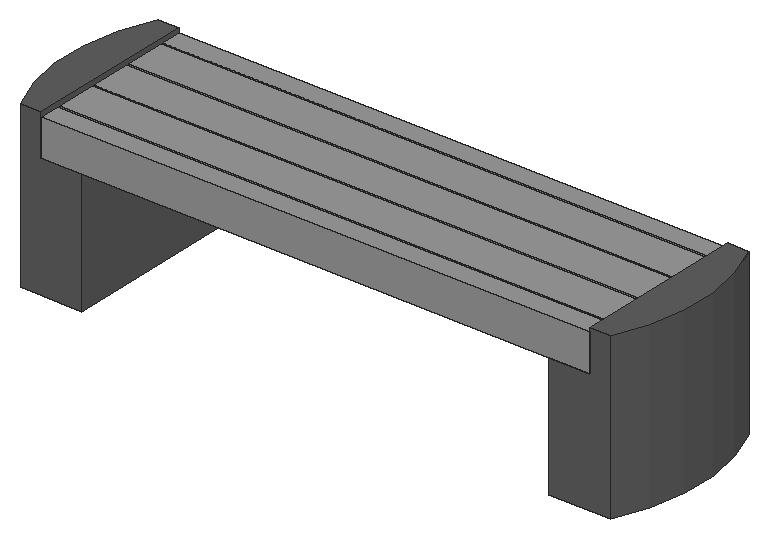
Revit family "skamya_kvant", category Антураж, Revit 2017
Family settings
  На основе рабочей плоскости = Нет
  Всегда вертикально = Да
  При загрузке вырезать с полостями = Нет
  Источник визуального образа = Геометрия семейства
  Общий = Нет
  Точка расчета площади = Нет
Parameters (values of type ""Квант" Черный шелк")
  Ширина сечения стойки [instance] = 130 mm
  Ширина = 420 mm
  Обозначение = ""
  Материал настила = Настил
  Производитель = "ГК Очаковский комбинат ЖБИ"  # constant formula
  Позиция = ""
  Поверхность = ""
  Площадь [instance] = 1.137 m²
  Описание изделия [instance] = "Изящные основания скамьи «Квант» придают ей оригинальный вид. В случае оформления всей территорией в едином стиле скамья «Квант» — идеальное решение, особенно при использовании совместно с урнами «Ладья» или с цветочницами «Неон» и «Атом»."
  Объем бетона = 0.044 m³
  Наименование = "Скамья \"Квант\""
  Морозостойкость [instance] = "F150"
  Материал = Очаковский_Черный_шелк
  Масса [instance] = 109.00 kg
  Класс бетона [instance] = "В30"
  Защитное покрытие [instance] = 1.04
  Длина = 1540 mm
  Высота сиденья [instance] = 375 mm
  Watermarked By = ""
  Высота = 400 mm
  Водонепроницаемость [instance] = "W8"
  URL = "http://file-system.ru/catalog/blagoustroystvo/sadovo_parkovaya_mebel/spm_skameyki/kvant_skamya/"
Types (8, lengths in mm): name | Материал | URL
  (no name) | Очаковский_Черный_шелк | "http://file-system.ru/catalog/blagoustroystvo/sadovo_parkovaya_mebel/spm_skameyki/kvant_skamya/"
  "Квант" Белый шелк | Очаковский_Белый_Шелк | 0
  "Квант" Крымский берег | Очаковский_Крымский_берег | 0
  "Квант" Москвоский гравий | Очаковский_Московский_гравий | 0
  "Квант" Морская соль | Очаковский_Морская_соль | 0
  "Квант" Черный шелк | Очаковский_Черный_шелк | "http://file-system.ru/catalog/blagoustroystvo/sadovo_parkovaya_mebel/spm_skameyki/kvant_skamya/"
  "Квант" Черный глянец | Очаковский_Черный_глянец | 0
  "Квант" Шахматка | Очаковский_Шахматка | 0
Reference planes
  plane 1 "По центру (Вперед/Назад)": y = 0
  plane 2: z = 0
  plane 3 "По центру (Влево/Вправо)": x = 0
  plane 4: z = 400
  plane 5: x = -770
  plane 6: x = 770
  plane 7: y = -210
  plane 8: y = 210
  plane 9: z = 350
  plane 10: x = 570
  plane 11: z = 300
  plane 12: y = 160
  plane 13: y = -160
  plane 14: x = -570
Forms (mm)
  Extrusion 1, solid, material "Очаковский_Черный_шелк" <- "Материал", detail levels medium+fine
    sketch origin (0, 0, 0) x (1, 0, 0) y (0, 1, 0)
      loop
        line (570, 210) -> (570, -210) -> (720, -210)
        arc (720, -210) -> (770, 0) -> (720, 210) r 466
        line (720, 210) -> (570, 210)
    from 0 to 400
  Extrusion 2, void
    sketch origin (570, 210, 1200) x (0, -1, 0) y (0, 0, 1)
      loop
        line (0, -800) -> (0, -900) -> (50, -900) -> (50, -850) -> (370, -850) -> (370, -900) -> (420, -900) -> (420, -800) -> (0, -800)
    from 0 to -100
  Extrusion 3, solid, material "Очаковский_Черный_шелк" <- "Материал", detail levels medium+fine
    sketch origin (0, 0, 0) x (-1, 0, 0) y (0, -1, 0)
      loop
        line (570, -210) -> (720, -210)
        arc (720, -210) -> (770, 0) -> (720, 210) r 466
        line (720, 210) -> (570, 210) -> (570, -210)
    from 0 to 400
  Extrusion 4, void
    sketch origin (-570, 210, 1200) x (0, -1, 0) y (0, 0, -1)
      loop
        line (0, 800) -> (420, 800) -> (420, 900) -> (370, 900) -> (370, 850) -> (50, 850) -> (50, 900) -> (0, 900) -> (0, 800)
    from 0 to -100
  Extrusion 5, solid, material "Настил" <- "Материал настила", detail levels medium+fine
    sketch origin (670, 210, 1200) x (0, -1, 0) y (0, 0, 1)
      loop
        line (50, -900) -> (50, -810) -> (0, -810) -> (0, -900) -> (50, -900)
      loop
        line (370, -810) -> (370, -900) -> (420, -900) -> (420, -810) -> (370, -810)
      loop
        line (265, -810) -> (265, -850) -> (365, -850) -> (365, -810) -> (265, -810)
      loop
        line (155, -810) -> (55, -810) -> (55, -850) -> (155, -850) -> (155, -810)
      loop
        line (160, -810) -> (160, -850) -> (260, -850) -> (260, -810) -> (160, -810)
    from 0 to 1340
Cuts and joins
  Extrusion 2, Extrusion 4 cuts Extrusion 1
  Extrusion 4 cuts Extrusion 3
Dimensions and locks
  "Высота": plane 4 to plane 2
  equal spacing: plane 8, plane 1 "По центру (Вперед/Назад)", plane 7
  "Ширина": plane 8 to plane 7
  equal spacing: plane 5, plane 3 "По центру (Влево/Вправо)", plane 6
  "Длина": plane 5 to plane 6
  plane 9 to plane 4 = 50 mm
  plane 11 to plane 9 = 50 mm
  aligned and locked: level to plane 2
  aligned and locked: plane 9 to Extrusion 2 sketch curve
  aligned and locked: plane 4 to Extrusion 2 sketch curve
  aligned and locked: plane 7 to Extrusion 2 sketch curve
  aligned and locked: plane 8 to Extrusion 2 sketch curve
  aligned and locked: Extrusion 2 sketch curve to plane 11
  aligned and locked: plane 11 to Extrusion 2 sketch curve
  aligned and locked: Extrusion 2 sketch curve to plane 13
  aligned and locked: Extrusion 2 sketch curve to plane 12
  aligned and locked: plane 14 to cut or joined group of Extrusion 3, Extrusion 4
  aligned and locked: plane 11 to Extrusion 5 sketch curve
  aligned and locked: plane 12 to Extrusion 5 sketch curve
  aligned and locked: Extrusion 5 sketch curve to cut or joined group of Extrusion 1, Extrusion 2, Extrusion 4  (x3)
  aligned and locked: Extrusion 5 to cut or joined group of Extrusion 3, Extrusion 4
  aligned and locked: plane 3 "По центру (Влево/Вправо)" to nested 1
  aligned and locked: plane 1 "По центру (Вперед/Назад)" to nested 1
Automatic sketch dimensions
  plane 1 "По центру (Вперед/Назад)" to Extrusion 1 sketch curve = 0 mm
  Extrusion 1 sketch curve to plane 7 = 0 mm
  Extrusion 1 sketch curve to plane 10 = 0 mm
  Extrusion 1 sketch curve to plane 8 = 0 mm
  Extrusion 1 sketch curve to plane 10 = 266 mm
  Extrusion 1 sketch curve to plane 6 = 50 mm
  plane 1 "По центру (Вперед/Назад)" to Extrusion 3 sketch curve = 0 mm
  Extrusion 3 sketch curve to plane 7 = 0 mm
  Extrusion 3 sketch curve to plane 8 = 0 mm
  plane 5 to Extrusion 3 sketch curve = 50 mm
  Extrusion 4 sketch curve to plane 8 = 0 mm
  Extrusion 4 sketch curve to plane 11 = 0 mm  (x2)
  Extrusion 4 sketch curve to plane 12 = 0 mm
  plane 9 to Extrusion 4 sketch curve = 0 mm
  Extrusion 4 sketch curve to plane 13 = 0 mm
  Extrusion 4 sketch curve to plane 7 = 0 mm
  plane 4 to Extrusion 4 sketch curve = 0 mm
  Extrusion 3 sketch curve to Extrusion 3 sketch curve = 150 mm
  Extrusion 3 sketch curve to plane 3 "По центру (Влево/Вправо)" = 304 mm
  Extrusion 5 sketch curve to Extrusion 2 = 10 mm  (x5)
  Extrusion 2 to Extrusion 5 sketch curve = 0 mm  (x3)
  Extrusion 5 sketch curve to Extrusion 2 = 0 mm
  Extrusion 2 to Extrusion 5 sketch curve = 5 mm  (x2)
  Extrusion 5 sketch curve to Extrusion 5 sketch curve = 100 mm  (x2)
  Extrusion 5 sketch curve to Extrusion 5 sketch curve = 5 mm  (x2)
Nested families
  nested 1: "Скамья низкая дет" at (0, 0, 0), Высота <- "Высота", Длина <- "Длина", Ширина <- "Ширина", type "Скамья низкая дет"
    with Ширина 420 mm, Длина 1540 mm, Высота 400 mm
Definition of nested family "Скамья низкая дет"
  Parameters (values of type "Скамья низкая дет")
    Ширина [instance] = 1000 mm
    Длина [instance] = 2800 mm
    Высота [instance] = 1096.843 mm
    Watermarked By = ""
    Type Comments = "﻿﻿                                          ​                           ​     ﻿                             ﻿          ﻿﻿                   ﻿    ﻿             ﻿ ​    ﻿﻿"
    Keynote = "﻿﻿                                          ​                           ​     ﻿                             ﻿          ﻿﻿                   ﻿    ﻿             ﻿ ​    ﻿﻿"
    Description = "﻿﻿                                          ​                           ​     ﻿                             ﻿          ﻿﻿                   ﻿    ﻿             ﻿ ​    ﻿﻿"
    Assembly Code = "﻿﻿                                          ​                           ​     ﻿                             ﻿          ﻿﻿                   ﻿    ﻿             ﻿ ​    ﻿﻿"
  Reference planes
    plane 1 "По центру (Вперед/Назад)": y = 0
    plane 2: z = 0
    plane 3 "По центру (Влево/Вправо)": x = 0
    plane 4: x = -1400
    plane 5: x = 1400
    plane 6: y = -500
    plane 7: y = 500
    plane 8: z = 1096.843
  Forms (mm)
    Extrusion 1, solid, detail levels coarse
      sketch origin (0, 0, 0) x (1, 0, 0) y (0, 1, 0)
        loop
          line (-1400, 500) -> (-1400, -500) -> (1400, -500) -> (1400, 500) -> (-1400, 500)
      from 0 to 1096.843
  Dimensions and locks
    equal spacing: plane 6, plane 1 "По центру (Вперед/Назад)", plane 7
    "Ширина": plane 6 to plane 7
    equal spacing: plane 4, plane 3 "По центру (Влево/Вправо)", plane 5
    "Длина": plane 4 to plane 5
    "Высота": plane 8 to level
    aligned and locked: level to plane 2
    aligned and locked: Extrusion 1 sketch curve to plane 5
    aligned and locked: Extrusion 1 sketch curve to plane 7
    aligned and locked: Extrusion 1 sketch curve to plane 6
    aligned and locked: Extrusion 1 sketch curve to plane 4
    aligned and locked: plane 8 to Extrusion 1
  Automatic sketch dimensions
    Extrusion 1 sketch curve to plane 5 = 0 mm
